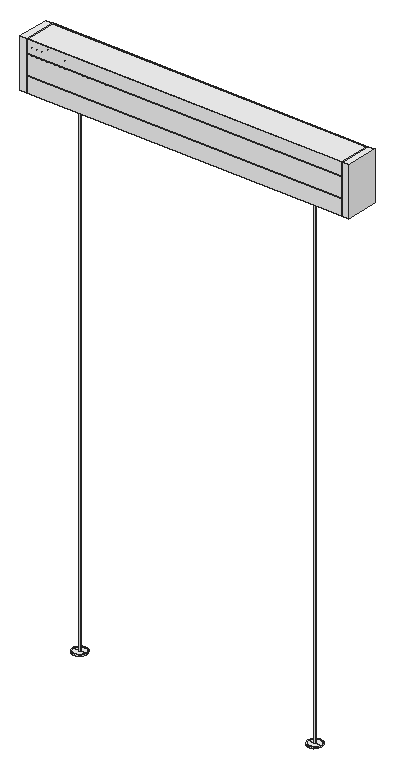
Revit family "2.3 inch  MAGIC WALL WASH LINEAR LIGHT", category Lighting Fixtures, host Face, Revit 2020 (continued)
Types (17): name | Wattage Comments | Wattage | Wall Mount | Suspenders Distance | Surface Mount | Recessed Mount | Photometric Web File | Pendent Mount | Order number | built-in parameter 1150142 | Model | built-in parameter 1150105 | Lumens | Light Source Height | Light Source Distance | built-in parameter 1150106 | Fixture Length
  MAG1223-SW1-WM-WD-FDL | "20W/30W/40W" | 30.9677 W | yes | 3' - 5" | no | no | "MAG1223_SW1_FDL_DOWN100_4000K_wall_wash.IES" | no | "18384" | "IESNA:LM-63-2002\r\n[TEST] 1\r\n[TESTLAB] EVERFINE\r\n[TESTDATE] 2024-04-01\r\n[ISSUEDATE] 2024-04-01 13:34:23\r\n[NEARFIELD] \r\n[LAMPPOSITION] 0,0\r\n[OTHER] EVERFINE GO-2000B_V1 SYSTEM\r\n[MANUFAC] Aboveall lighting\r\n[LUMINAIRE] MAG1223-SW1-FDL DOWN100 4000K wall wash\r\n[OTHER] \r\n[OTHER] Gamma(deg)    Fz(lm)      Ft(lm)     %Lum    %Lamp\r\n[OTHER]   0- 10       167.95      167.95     3.72     3.72\r\n[OTHER]  10- 20       474.91      642.86    14.25    14.25\r\n[OTHER]  20- 30       707.42     1350.28    29.93    29.93\r\n[OTHER]  30- 40       842.39     2192.67    48.60    48.60\r\n[OTHER]  40- 50       840.60     3033.27    67.23    67.23\r\n[OTHER]  50- 60       688.20     3721.47    82.49    82.49\r\n[OTHER]  60- 70       459.05     4180.52    92.66    92.66\r\n[OTHER]  70- 80       234.51     4415.03    97.86    97.86\r\n[OTHER]  80- 90        72.72     4487.75    99.47    99.47\r\n[OTHER]  90-100         5.55     4493.30    99.59    99.59\r\n[OTHER] 100-110         3.22     4496.51    99.66    99.66\r\n[OTHER] 110-120         3.24     4499.76    99.74    99.74\r\n[OTHER] 120-130         3.07     4502.83    99.80    99.80\r\n[OTHER] 130-140         2.88     4505.71    99.87    99.87\r\n[OTHER] 140-150         2.49     4508.20    99.92    99.92\r\n[OTHER] 150-160         1.88     4510.09    99.97    99.97\r\n[OTHER] 160-170         1.17     4511.25    99.99    99.99\r\n[OTHER] 170-180         0.39     4511.65   100.00   100.00\r\n[OTHER] \r\nTILT=NONE\r\n1 -1 1 361 73 1 2 0.060 1.200 0.000\r\n1.000 1 40.2\r\n0.0    0.5    1.0    1.5    2.0    2.5    3.0    3.5    4.0    4.5    \r\n 5.0    5.5    6.0    6.5    7.0    7.5    8.0    8.5    9.0    9.5    \r\n 10.0   10.5   11.0   11.5   12.0   12.5   13.0   13.5   14.0   14.5   \r\n 15.0   15.5   16.0   16.5   17.0   17.5   18.0   18.5   19.0   19.5   \r\n 20.0   20.5   21.0   21.5   22.0   22.5   23.0   23.5   24.0   24.5   \r\n 25.0   25.5   26.0   26.5   27.0   27.5   28.0   28.5   29.0   29.5   \r\n 30.0   30.5   31.0   31.5   32.0   32.5   33.0   33.5   34.0   34.5   \r\n 35.0   35.5   36.0   36.5   37.0   37.5   38.0   38.5   39.0   39.5   \r\n 40.0   40.5   41.0   41.5   42.0   42.5   43.0   43.5   44.0   44.5   \r\n 45.0   45.5   46.0   46.5   47.0   47.5   48.0   48.5   49.0   49.5   \r\n 50.0   50.5   51.0   51.5   52.0   52.5   53.0   53.5   54.0   54.5   \r\n 55.0   55.5   56.0   56.5   57.0   57.5   58.0   58.5   59.0   59.5   \r\n 60.0   60.5   61.0   61.5   62.0   62.5   63.0   63.5   64.0   64.5   \r\n 65.0   65.5   66.0   66.5   67.0   67.5   68.0   68.5   69.0   69.5   \r\n 70.0   70.5   71.0   71.5   72.0   72.5   73.0   73.5   74.0   74.5   \r\n 75.0   75.5   76.0   76.5   77.0   77.5   78.0   78.5   79.0   79.5   \r\n 80.0   80.5   81.0   81.5   82.0   82.5   83.0   83.5   84.0   84.5   \r\n 85.0   85.5   86.0   86.5   87.0   87.5   88.0   88.5   89.0   89.5   \r\n 90.0   90.5   91.0   91.5   92.0   92.5   93.0   93.5   94.0   94.5   \r\n 95.0   95.5   96.0   96.5   97.0   97.5   98.0   98.5   99.0   99.5   \r\n 100.0  100.5  101.0  101.5  102.0  102.5  103.0  103.5  104.0  104.5  \r\n 105.0  105.5  106.0  106.5  107.0  107.5  108.0  108.5  109.0  109.5  \r\n 110.0  110.5  111.0  111.5  112.0  112.5  113.0  113.5  114.0  114.5  \r\n 115.0  115.5  116.0  116.5  117.0  117.5  118.0  118.5  119.0  119.5  \r\n 120.0  120.5  121.0  121.5  122.0  122.5  123.0  123.5  124.0  124.5  \r\n 125.0  125.5  126.0  126.5  127.0  127.5  128.0  128.5  129.0  129.5  \r\n 130.0  130.5  131.0  131.5  132.0  132.5  133.0  133.5  134.0  134.5  \r\n 135.0  135.5  136.0  136.5  137.0  137.5  138.0  138.5  139.0  139.5  \r\n 140.0  140.5  141.0  141.5  142.0  142.5  143.0  143.5  144.0  144.5  \r\n 145.0  145.5  146.0  146.5  147.0  147.5  148.0  148.5  149.0  149.5  \r\n 150.0  150.5  151.0  151.5  152.0  152.5  153.0  153.5  154.0  154.5  \r\n 155.0  155.5  156.0  156.5  157.0  157.5  158.0  158.5  159.0  159.5  \r\n 160.0  160.5  161.0  161.5  162.0  162.5  163.0  163.5  164.0  164.5  \r\n 165.0  165.5  166.0  166.5  167.0  167.5  168.0  168.5  169.0  169.5  \r\n 170.0  170.5  171.0  171.5  172.0  172.5  173.0  173.5  174.0  174.5  \r\n 175.0  175.5  176.0  176.5  177.0  177.5  178.0  178.5  179.0  179.5  \r\n 180.0  \r\n0.0    5.0    10.0   15.0   20.0   25.0   30.0   35.0   40.0   45.0   \r\n 50.0   55.0   60.0   65.0   70.0   75.0   80.0   85.0   90.0   95.0   \r\n 100.0  105.0  110.0  115.0  120.0  125.0  130.0  135.0  140.0  145.0  \r\n 150.0  155.0  160.0  165.0  170.0  175.0  180.0  185.0  190.0  195.0  \r\n 200.0  205.0  210.0  215.0  220.0  225.0  230.0  235.0  240.0  245.0  \r\n 250.0  255.0  260.0  265.0  270.0  275.0  280.0  285.0  290.0  295.0  \r\n 300.0  305.0  310.0  315.0  320.0  325.0  330.0  335.0  340.0  345.0  \r\n 350.0  355.0  360.0  \r\n1793.11  1790.13  1787.15  1784.17  1781.19  1778.20  1775.22  1772.24  1769.26  1766.28  \r\n 1763.30  1760.32  1757.34  1754.36  1751.38  1748.40  1745.42  1742.44  1739.46  1736.48  \r\n 1733.49  1730.51  1727.53  1724.55  1721.57  1718.59  1715.61  1712.63  1709.65  1706.67  \r\n 1703.69  1695.24  1686.79  1678.34  1669.89  1661.44  1652.99  1644.54  1636.08  1627.63  \r\n 1619.18  1610.73  1602.28  1593.83  1585.38  1576.93  1568.48  1560.03  1551.58  1543.13  \r\n 1534.68  1526.23  1517.78  1509.33  1500.88  1492.43  1483.98  1475.53  1467.08  1458.63  \r\n 1450.18  1437.66  1425.14  1412.62  1400.10  1387.59  1375.07  1362.55  1350.03  1337.51  \r\n 1324.99  1312.47  1299.96  1287.44  1274.92  1262.40  1249.88  1237.36  1224.85  1212.33  \r\n 1199.81  1187.29  1174.77  1162.25  1149.73  1137.22  1124.70  1112.18  1099.66  1087.14  \r\n 1074.62  1059.58  1044.53  1029.48  1014.43  999.38   984.34   969.29   954.24   939.19   \r\n 924.15   909.10   894.05   879.00   863.95   848.91   833.86   818.81   803.76   788.72   \r\n 773.67   758.62   743.57   728.52   713.48   698.43   683.38   668.33   653.28   638.24   \r\n 623.19   610.10   597.01   583.92   570.83   557.75   544.66   531.57   518.48   505.39   \r\n 492.30   479.21   466.12   453.03   439.95   426.86   413.77   400.68   387.59   374.50   \r\n 361.41   348.32   335.24   322.15   309.06   295.97   282.88   269.79   256.70   243.61   \r\n 230.53   222.94   215.36   207.77   200.19   192.60   185.02   177.43   169.85   162.26   \r\n 154.68   147.09   139.51   131.92   124.34   116.75   109.17   101.58   94.00    86.41    \r\n 78.83    71.24    63.66    56.07    48.49    40.91    33.32    25.74    18.15    10.57    \r\n 2.98     2.99     3.01     3.02     3.03     3.04     3.06     3.07     3.08     3.09     \r\n 3.11     3.12     3.13     3.14     3.16     3.17     3.18     3.19     3.21     3.22     \r\n 3.23     3.24     3.26     3.27     3.28     3.29     3.31     3.32     3.33     3.34     \r\n 3.36     3.40     3.44     3.47     3.51     3.55     3.59     3.63     3.67     3.71     \r\n 3.75     3.79     3.83     3.87     3.91     3.95     3.99     4.03     4.06     4.10     \r\n 4.14     4.18     4.22     4.26     4.30     4.34     4.38     4.42     4.46     4.50     \r\n 4.54     4.56     4.58     4.60     4.62     4.64     4.66     4.69     4.71     4.73     \r\n 4.75     4.77     4.79     4.81     4.83     4.86     4.88     4.90     4.92     4.94     \r\n 4.96     4.98     5.00     5.03     5.05     5.07     5.09     5.11     5.13     5.15     \r\n 5.17     5.16     5.16     5.15     5.14     5.13     5.12     5.11     5.10     5.10     \r\n 5.09     5.08     5.07     5.06     5.05     5.04     5.04     5.03     5.02     5.01     \r\n 5.00     4.99     4.98     4.97     4.97     4.96     4.95     4.94     4.93     4.92     \r\n 4.91     4.90     4.88     4.86     4.84     4.83     4.81     4.79     4.77     4.76     \r\n 4.74     4.72     4.70     4.69     4.67     4.65     4.63     4.62     4.60     4.58     \r\n 4.56     4.55     4.53     4.51     4.49     4.48     4.46     4.44     4.42     4.41     \r\n 4.39     4.39     4.38     4.38     4.37     4.37     4.36     4.36     4.36     4.35     \r\n 4.35     4.34     4.34     4.33     4.33     4.33     4.32     4.32     4.31     4.31     \r\n 4.30     4.30     4.30     4.29     4.29     4.28     4.28     4.27     4.27     4.27     \r\n 4.26     \r\n1793.11  1791.39  1789.66  1787.93  1786.20  1784.45  1782.71  1780.96  1779.20  1777.43  \r\n 1775.67  1773.89  1772.11  1770.32  1768.53  1766.73  1764.92  1763.11  1761.29  1759.47  \r\n 1757.63  1755.79  1753.95  1752.09  1750.19  1748.29  1746.38  1744.46  1742.55  1740.63  \r\n 1738.71  1731.96  1724.60  1717.23  1709.85  1702.45  1695.04  1687.61  1680.17  1672.71  \r\n 1665.24  1657.76  1650.26  1642.75  1635.22  1627.68  1620.12  1612.55  1605.00  1597.45  \r\n 1589.90  1582.34  1574.78  1567.22  1559.65  1552.08  1544.51  1536.93  1529.35  1521.76  \r\n 1514.17  1503.03  1491.05  1479.05  1467.03  1454.98  1442.93  1430.85  1418.75  1406.63  \r\n 1394.50  1382.35  1370.17  1357.98  1345.76  1333.48  1321.18  1308.87  1296.55  1284.23  \r\n 1271.89  1259.54  1247.18  1234.81  1222.43  1210.04  1197.64  1185.22  1172.80  1160.37  \r\n 1147.92  1133.26  1117.95  1102.63  1087.29  1071.93  1056.55  1041.16  1025.74  1010.31  \r\n 994.86   979.39   963.90   948.39   932.87   917.33   901.77   886.18   870.55   854.90   \r\n 839.23   823.55   807.85   792.13   776.39   760.64   744.86   729.08   713.27   697.45   \r\n 681.61   667.20   653.12   639.02   624.90   610.77   596.63   582.47   568.31   554.13   \r\n 539.93   525.73   511.51   497.28   483.04   468.79   454.52   440.25   425.96   411.67   \r\n 397.36   383.05   368.72   354.39   340.04   325.69   311.33   296.96   282.58   268.20   \r\n 253.80   244.91   236.69   228.46   220.23   211.99   203.75   195.50   187.25   179.00   \r\n 170.74   162.48   154.21   145.95   137.68   129.40   121.13   112.85   104.57   96.28    \r\n 88.00    79.71    71.42    63.13    54.84    46.55    38.26    29.96    21.67    13.37    \r\n 5.07     5.02     4.97     4.92     4.87     4.82     4.77     4.72     4.67     4.61     \r\n 4.56     4.51     4.46     4.41     4.35     4.30     4.25     4.20     4.15     4.10     \r\n 4.04     3.99     3.94     3.89     3.84     3.79     3.74     3.69     3.64     3.59     \r\n 3.54     3.58     3.61     3.64     3.67     3.70     3.73     3.77     3.80     3.83     \r\n 3.86     3.90     3.93     3.96     3.99     4.02     4.06     4.09     4.12     4.15     \r\n 4.19     4.22     4.25     4.29     4.32     4.35     4.39     4.42     4.45     4.49     \r\n 4.52     4.53     4.54     4.55     4.56     4.57     4.59     4.60     4.61     4.62     \r\n 4.64     4.65     4.66     4.67     4.69     4.70     4.72     4.73     4.75     4.76     \r\n 4.77     4.79     4.80     4.82     4.83     4.85     4.86     4.88     4.90     4.91     \r\n 4.92     4.91     4.90     4.88     4.87     4.86     4.85     4.84     4.82     4.81     \r\n 4.80     4.79     4.78     4.77     4.75     4.74     4.73     4.72     4.71     4.70     \r\n 4.69     4.68     4.67     4.66     4.65     4.64     4.63     4.62     4.61     4.60     \r\n 4.59     4.57     4.56     4.54     4.53     4.51     4.50     4.49     4.47     4.46     \r\n 4.44     4.43     4.41     4.40     4.39     4.37     4.36     4.35     4.34     4.33     \r\n 4.31     4.30     4.29     4.28     4.27     4.26     4.25     4.24     4.23     4.22     \r\n 4.21     4.21     4.21     4.21     4.22     4.22     4.22     4.22     4.22     4.23     \r\n 4.23     4.23     4.23     4.23     4.23     4.23     4.24     4.24     4.24     4.24     \r\n 4.24     4.24     4.25     4.25     4.25     4.25     4.25     4.26     4.26     4.26     \r\n 4.26     \r\n1793.11  1792.66  1792.20  1791.74  1791.26  1790.77  1790.27  1789.76  1789.24  1788.71  \r\n 1788.17  1787.61  1786.98  1786.26  1785.54  1784.81  1784.08  1783.35  1782.62  1781.88  \r\n 1781.13  1780.39  1779.63  1778.87  1778.00  1777.11  1776.20  1775.29  1774.38  1773.46  \r\n 1772.54  1768.57  1762.20  1755.82  1749.44  1743.05  1736.55  1730.02  1723.48  1716.91  \r\n 1710.33  1703.74  1697.12  1690.49  1683.83  1677.16  1670.48  1663.77  1656.99  1650.17  \r\n 1643.32  1636.45  1629.56  1622.64  1615.71  1608.75  1601.77  1594.77  1587.74  1580.70  \r\n 1573.63  1565.48  1553.96  1542.40  1530.83  1519.22  1507.60  1495.94  1484.27  1472.56  \r\n 1460.84  1449.08  1437.30  1425.50  1413.67  1401.76  1389.82  1377.86  1365.87  1353.86  \r\n 1341.83  1329.77  1317.69  1305.59  1293.46  1281.31  1269.14  1256.95  1244.73  1232.48  \r\n 1220.21  1207.51  1191.88  1176.22  1160.53  1144.79  1129.02  1113.21  1097.37  1081.49  \r\n 1065.58  1049.63  1033.64  1017.62  1001.57  985.48   969.36   953.21   937.02   920.81   \r\n 904.57   888.31   872.02   855.71   839.36   823.00   806.60   790.19   773.74   757.28   \r\n 740.79   724.65   709.65   694.62   679.56   664.45   649.32   634.14   618.94   603.68   \r\n 588.37   573.02   557.65   542.25   526.82   511.36   495.87   480.36   464.82   449.26   \r\n 433.67   418.06   402.43   386.77   371.09   355.39   339.67   323.93   308.17   292.40   \r\n 276.60   264.74   255.91   247.09   238.26   229.42   220.58   211.74   202.90   194.05   \r\n 185.20   176.34   167.49   158.63   149.77   140.90   132.04   123.17   114.30   105.43   \r\n 96.56    87.68    78.80    69.93    61.05    52.17    43.28    34.40    25.52    16.63    \r\n 7.75     7.61     7.47     7.33     7.20     7.06     6.92     6.78     6.64     6.50     \r\n 6.36     6.22     6.08     5.94     5.80     5.66     5.52     5.38     5.24     5.10     \r\n 4.96     4.83     4.69     4.55     4.42     4.28     4.15     4.01     3.88     3.75     \r\n 3.69     3.72     3.76     3.79     3.83     3.87     3.90     3.94     3.97     4.01     \r\n 4.04     4.08     4.11     4.15     4.18     4.22     4.25     4.29     4.32     4.35     \r\n 4.39     4.42     4.46     4.49     4.53     4.56     4.60     4.63     4.67     4.70     \r\n 4.71     4.72     4.72     4.73     4.73     4.73     4.74     4.74     4.75     4.75     \r\n 4.76     4.76     4.76     4.77     4.77     4.78     4.78     4.78     4.79     4.79     \r\n 4.80     4.80     4.81     4.81     4.81     4.82     4.82     4.83     4.84     4.84     \r\n 4.82     4.81     4.79     4.77     4.75     4.73     4.71     4.70     4.68     4.66     \r\n 4.65     4.63     4.62     4.60     4.59     4.57     4.56     4.54     4.53     4.52     \r\n 4.50     4.49     4.48     4.47     4.46     4.45     4.43     4.42     4.41     4.40     \r\n 4.39     4.38     4.36     4.35     4.34     4.33     4.31     4.30     4.29     4.28     \r\n 4.26     4.25     4.24     4.23     4.21     4.20     4.19     4.18     4.16     4.15     \r\n 4.14     4.13     4.12     4.11     4.09     4.08     4.07     4.06     4.05     4.04     \r\n 4.04     4.05     4.05     4.06     4.06     4.06     4.07     4.07     4.08     4.09     \r\n 4.10     4.11     4.12     4.13     4.13     4.14     4.15     4.16     4.17     4.17     \r\n 4.18     4.19     4.20     4.20     4.21     4.22     4.23     4.24     4.24     4.25     \r\n 4.26     \r\n1793.11  1793.94  1794.75  1795.55  1796.34  1797.11  1797.86  1798.60  1799.26  1799.73  \r\n 1800.19  1800.65  1801.11  1801.56  1802.01  1802.45  1802.79  1803.02  1803.25  1803.47  \r\n 1803.68  1803.89  1804.10  1804.30  1804.39  1804.43  1804.47  1804.51  1804.54  1804.57  \r\n 1804.60  1804.62  1799.20  1793.68  1788.13  1782.55  1776.93  1771.29  1765.62  1759.91  \r\n 1754.07  1748.15  1742.21  1736.26  1730.29  1724.29  1718.28  1712.25  1706.16  1699.97  \r\n 1693.76  1687.53  1681.28  1675.01  1668.72  1662.41  1656.09  1649.68  1643.25  1636.79  \r\n 1630.31  1623.82  1616.10  1605.04  1593.95  1582.82  1571.46  1560.07  1548.65  1537.21  \r\n 1525.74  1514.25  1502.73  1491.19  1479.62  1468.08  1456.53  1444.94  1433.30  1421.61  \r\n 1409.88  1398.09  1386.27  1374.40  1362.48  1350.38  1338.20  1326.01  1313.80  1301.56  \r\n 1289.31  1277.03  1264.68  1248.72  1232.71  1216.65  1200.57  1184.44  1168.26  1152.04  \r\n 1135.76  1119.44  1103.07  1086.66  1070.20  1053.69  1
